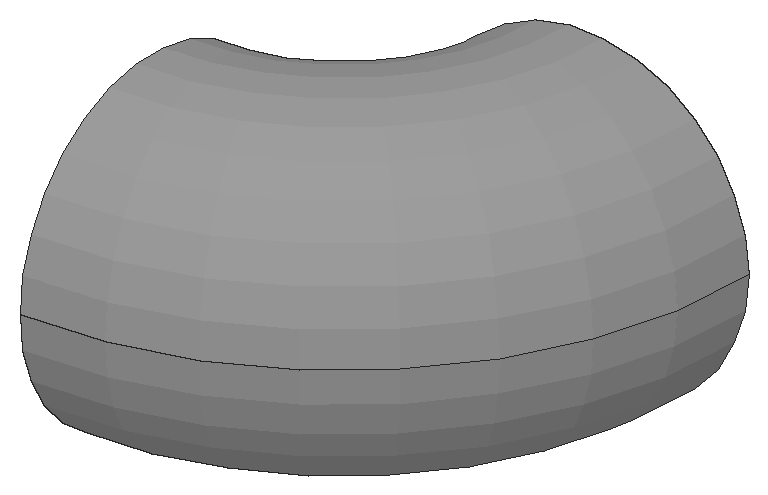
Revit family "Elbow - Welded - Generic", category Pipe Fittings, Revit 2027
Family settings
  Round Connector Dimension = Use Radius
  Part Type = Elbow
  Work Plane-Based = No
  Always vertical = Yes
  Cut with Voids When Loaded = No
  Shared = No
Parameters (values of type "Standard")
  Tick Size [instance] = Fitting Outside Diameter * 0.4  # 0.52598"
  Nominal Radius [instance] = 1/2"
  Nominal Diameter [instance] = Nominal Radius * 2  # 1"
  Loss Method = K Coefficient from Table
  Lookup Table Name = "Elbow - Welded - Generic"
  K Coefficient Table = "Regular 45, 90 and 180 Elbow"
  Fitting Outside Radius [instance] = Fitting Outside Diameter / 2  # 0.65748"
  Fitting Outside Diameter [instance] = size_lookup(Lookup Table Name, "FOD", Nominal Diameter + 105/256", Nominal Diameter)  # 1.31496"
  Fitting Material = Steel, Carbon
  Default Elevation = 0' - 0"
  Center to End Label [instance] = if(Center to End > (Fitting Outside Radius + 0' 0 1/8") * tan(Angle / 2), Center to End, (Fitting Outside Radius + 0' 0 1/8") * tan(Angle / 2))  # 0.98425"
  Center to End [instance] = size_lookup(Lookup Table Name, "CtE", 1.02 * Nominal Diameter - 15/256", Nominal Diameter)  # 0.98425"
  Center Radius [instance] = Center to End Label / tan(Angle / 2)  # 0.98425"
  Angle [instance] = 90.00°
Types (4): name
  Standard
  Steel 90
  AG - Schedule 40
  BG - Schedule 40
Reference planes (in)
  plane 1 "Center (Front/Back)": y = 0
  plane 2: z = 0
  plane 3 "Center (Left/Right)": x = 0
  plane 4: x = -0.98425
  plane 5: y = 0.98425
  plane 6: y = 0.52598
  plane 7: y = -0.52598
Forms (in)
  Sweep 1, solid, material "Steel, Carbon" <- "Fitting Material", detail levels fine
    path in 3D
      loop
        arc (-0.98425, 0, 0) -> (-0.28828, 0.28828, 0) -> (0, 0.98425, 0) r 0.98425
    profile origin (-0.28828, 0.28828, 0) x (-0.707107, 0.707107, 0) y (0, 0, 1)
      loop
        circle (0, 0) r 0.65748
Lines and regions (in)
  reference lines
    curve 1: line (-0.98425, 0.98425, 0) -> (0.76575, 0.98425, 0)
    curve 2: arc (-0.98425, 0, 0) -> (-0.28828, 0.28828, 0) -> (0, 0.98425, 0) r 0.98425
    curve 3: line (0, 0, 0) -> (0, 0.75, 0)
    curve 4: line (-0.52598, 0.71731, 0) -> (-0.52598, 0.87179, 0)
    curve 5: line (0.52598, 0.60803, 0) -> (0.52598, 1.38695, 0)
  model lines, detail levels coarse+medium
    curve 6: line (-0.52598, 0.98425, 0) -> (0.52598, 0.98425, 0)
    curve 7: arc (-0.98425, 0, 0) -> (-0.28828, 0.28828, 0) -> (0, 0.98425, 0) r 0.98425
    curve 8: line (-0.98425, 0.52598, 0) -> (-0.98425, -0.52598, 0)
  sketch lines
    curve 9: arc (-0.98425, 0, 0) -> (-0.28828, 0.28828, 0) -> (0, 0.98425, 0) r 0.98425
Dimensions and locks (in)
  "Center to End Label": plane 4 to plane 3 "Center (Left/Right)"
  "Center Radius": plane 5 to plane 1 "Center (Front/Back)"
  "Tick Size": plane 6 to plane 1 "Center (Front/Back)"
  "Tick Size": plane 7 to plane 1 "Center (Front/Back)"
  "Tick Size": curve 3 to curve 4
  "Tick Size": curve 5 to curve 3
  "Center Radius": radius of curve 2
  "Fitting Outside Radius": radius of Sweep 1 sketch curve
  "Angle": angle plane 4 to curve 1
  "Angle": angle curve 2 to curve 2
  "Angle": angle plane 1 "Center (Front/Back)" to curve 3
  "Angle": angle curve 7 to curve 7
  aligned and locked: plane 4 to curve 1
  aligned and locked: plane 5 to curve 1
  aligned and locked: plane 5 to curve 2
  aligned and locked: plane 4 to curve 2  (x2)
  aligned and locked: plane 1 "Center (Front/Back)" to curve 3
  aligned and locked: plane 3 "Center (Left/Right)" to curve 3
  aligned and locked: curve 4 to curve 6
  aligned and locked: curve 5 to curve 6
  aligned and locked: curve 1 to curve 6
  aligned and locked: curve 7 to curve 2
  aligned and locked: plane 6 to curve 8
  aligned and locked: plane 7 to curve 8
  aligned and locked: curve 8 to plane 4
Automatic sketch dimensions
  curve 1 to curve 5 = 0' - 0.37622"
  curve 1 to curve 4 = 0' - 0.26694"
  curve 5 to curve 1 = 0' - 0.4027"
  curve 3 to curve 4 = 0' - 0.12179"
  Sweep 1 sketch curve to profile plane = 0' - 0"
  profile plane to Sweep 1 sketch curve = 0' - 0"
Connectors (in)
  piping at (-0.98425, 0, 0), diameter 1, driven by "Nominal Radius", driven by "Angle"
    settings: on Sweep 1, index 1, connector inside diameter 1", connector length 0' - 0", flow factor 0, pipe flow 0 GPM, pressure drop 0.00 psi, fitting loss kfactor 0, connector angle 90.00°, fixture units 0, engagement length 0' - 0", angle of deflection 0.00°, flow configuration 0, flow direction 0, fitting loss method 0, system type 28, joint type 0, gender type 0, connector reference index 2, connector utility 0, adjustable connector no, is connector primary yes, connector description ""
  piping at (0, 0.98425, 0), diameter 1, driven by "Nominal Radius", driven by "Angle"
    settings: on Sweep 1, index 2, connector inside diameter 1", connector length 0' - 0", flow factor 0, pipe flow 0 GPM, pressure drop 0.00 psi, fitting loss kfactor 0, connector angle 90.00°, fixture units 0, engagement length 0' - 0", angle of deflection 0.00°, flow configuration 0, flow direction 0, fitting loss method 0, system type 28, joint type 0, gender type 0, connector reference index 1, connector utility 0, adjustable connector no, is connector primary no, connector description ""
